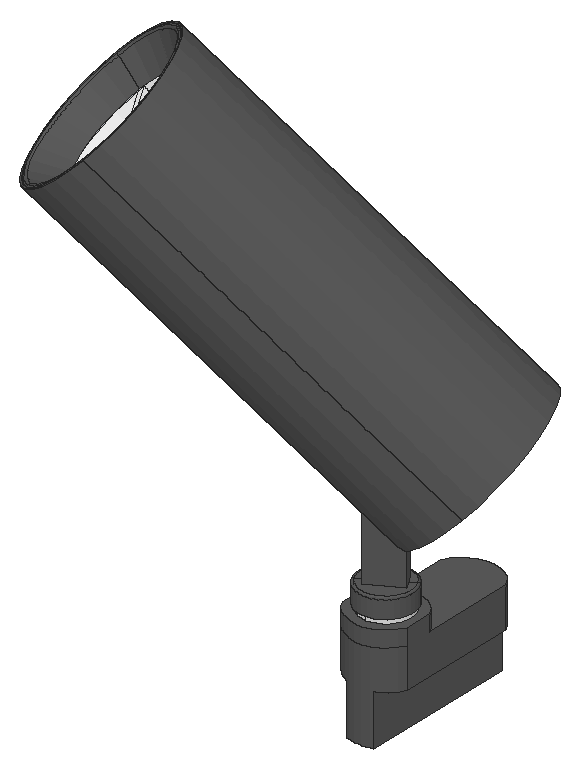
Revit family "0005445", category Lighting Fixtures, host Face, Revit 2017 (continued)
Definition of nested family "START Track Spot Integral Head"
  Types (3, lengths in mm): name | Photometric Web File | built-in parameter 1150142
    0005445 - 24 | "0005445_24.ies" | "IESNA:LM-63-2002\r\n[TEST] 202010560\r\n[TESTLAB] \r\n[TESTDATE] 3 Jun 2020\r\n[ISSUEDATE] 3 Jun 2020\r\n[MANUFAC] Sylvania\r\n[LUMCAT] 202010560\r\n[LUMINAIRE] FT1081-B-3000£¨24¡ã£©\r\n[FLASHAREA] 0.001373\r\n[LAMPCAT] 202010560\r\n[LAMP] LED 54W - 50.96 W\r\nTILT=NONE\r\n1 4650.50 1.0 181 4 1 2 -0.085 -0.085 0.000\r\n1.00 1.00 50.96\r\n0.00 1.00 2.00 3.00 4.00 5.00 6.00 7.00 8.00 9.00 10.00 \r\n11.00 12.00 13.00 14.00 15.00 16.00 17.00 18.00 19.00 \r\n20.00 21.00 22.00 23.00 24.00 25.00 26.00 27.00 28.00 \r\n29.00 30.00 31.00 32.00 33.00 34.00 35.00 36.00 37.00 \r\n38.00 39.00 40.00 41.00 42.00 43.00 44.00 45.00 46.00 \r\n47.00 48.00 49.00 50.00 51.00 52.00 53.00 54.00 55.00 \r\n56.00 57.00 58.00 59.00 60.00 61.00 62.00 63.00 64.00 \r\n65.00 66.00 67.00 68.00 69.00 70.00 71.00 72.00 73.00 \r\n74.00 75.00 76.00 77.00 78.00 79.00 80.00 81.00 82.00 \r\n83.00 84.00 85.00 86.00 87.00 88.00 89.00 90.00 91.00 \r\n92.00 93.00 94.00 95.00 96.00 97.00 98.00 99.00 100.00 \r\n101.00 102.00 103.00 104.00 105.00 106.00 107.00 108.00 \r\n109.00 110.00 111.00 112.00 113.00 114.00 115.00 116.00 \r\n117.00 118.00 119.00 120.00 121.00 122.00 123.00 124.00 \r\n125.00 126.00 127.00 128.00 129.00 130.00 131.00 132.00 \r\n133.00 134.00 135.00 136.00 137.00 138.00 139.00 140.00 \r\n141.00 142.00 143.00 144.00 145.00 146.00 147.00 148.00 \r\n149.00 150.00 151.00 152.00 153.00 154.00 155.00 156.00 \r\n157.00 158.00 159.00 160.00 161.00 162.00 163.00 164.00 \r\n165.00 166.00 167.00 168.00 169.00 170.00 171.00 172.00 \r\n173.00 174.00 175.00 176.00 177.00 178.00 179.00 180.00 \r\n0.00 30.00 60.00 90.00 \r\n16490.35 17536.27 17233.91 16612.63 15870.74 14948.13 \r\n13966.64 13022.81 12027.47 11145.50 10292.38 9556.23 \r\n8823.68 8093.48 7369.19 6649.44 6020.41 5359.33 4770.06 \r\n4177.96 3654.39 3163.15 2726.07 2389.86 2089.48 1852.73 \r\n1649.55 1453.31 1303.03 1154.85 1033.28 909.75 804.10 \r\n707.25 618.71 548.13 478.24 424.85 372.51 331.92 293.55 \r\n263.57 239.24 217.25 200.66 184.92 171.86 159.38 149.04 \r\n140.70 132.98 126.60 120.57 115.33 110.87 106.53 102.93 \r\n99.26 96.18 92.52 88.77 84.83 81.78 79.00 74.72 68.91 \r\n62.72 55.38 48.85 44.07 39.07 33.45 28.53 24.29 19.55 \r\n16.18 13.54 11.01 8.59 6.36 4.27 2.34 0.92 0.21 0.04 0.03 \r\n0.03 0.03 0.03 0.03 0.03 0.03 0.03 0.03 0.03 0.03 0.03 \r\n0.03 0.03 0.04 0.04 0.05 0.05 0.05 0.06 0.07 0.08 0.08 \r\n0.09 0.08 0.09 0.00 0.00 0.00 0.00 0.00 0.00 0.00 0.00 \r\n0.00 0.00 0.00 0.00 0.00 0.00 0.00 0.00 0.00 0.00 0.00 \r\n0.00 0.00 0.00 0.00 0.00 0.00 0.00 0.00 0.00 0.00 0.00 \r\n0.00 0.00 0.00 0.00 0.00 0.00 0.00 0.00 0.00 0.00 0.00 \r\n0.00 0.00 0.00 0.00 0.00 0.00 0.00 0.00 0.00 0.00 0.00 \r\n0.00 0.00 0.00 0.00 0.00 0.00 0.00 0.00 0.00 0.00 0.00 \r\n0.00 0.00 0.00 0.00 0.00 0.00 0.00 \r\n16490.35 17219.01 16894.15 16355.14 15647.44 14816.81 \r\n13852.06 12892.82 11962.34 11101.50 10305.52 9535.99 \r\n8788.76 8062.82 7353.16 6664.34 6008.88 5377.83 4762.60 \r\n4206.24 3671.27 3201.60 2784.51 2414.36 2111.77 1854.83 \r\n1633.58 1453.23 1292.07 1144.40 1012.92 895.58 790.28 \r\n695.33 609.66 536.68 473.89 418.59 371.73 330.91 297.39 \r\n267.33 242.87 222.76 204.55 189.30 175.53 163.81 153.06 \r\n143.80 135.92 128.85 122.68 117.13 112.24 107.99 103.86 \r\n100.11 96.25 92.44 88.53 84.95 81.59 77.92 73.64 68.53 \r\n61.99 55.98 49.84 44.14 39.03 34.01 29.16 24.13 20.27 \r\n16.60 13.44 10.90 8.56 6.37 4.38 2.62 1.31 0.47 0.11 0.03 \r\n0.03 0.03 0.03 0.03 0.03 0.03 0.03 0.03 0.03 0.04 0.04 \r\n0.04 0.04 0.05 0.05 0.05 0.05 0.06 0.07 0.07 0.08 0.08 \r\n0.09 0.09 0.10 0.00 0.00 0.00 0.00 0.00 0.00 0.00 0.00 \r\n0.00 0.00 0.00 0.00 0.00 0.00 0.00 0.00 0.00 0.00 0.00 \r\n0.00 0.00 0.00 0.00 0.00 0.00 0.00 0.00 0.00 0.00 0.00 \r\n0.00 0.00 0.00 0.00 0.00 0.00 0.00 0.00 0.00 0.00 0.00 \r\n0.00 0.00 0.00 0.00 0.00 0.00 0.00 0.00 0.00 0.00 0.00 \r\n0.00 0.00 0.00 0.00 0.00 0.00 0.00 0.00 0.00 0.00 0.00 \r\n0.00 0.00 0.00 0.00 0.00 0.00 0.00 \r\n16490.35 16604.84 16290.24 15794.13 15124.89 14313.09 \r\n13457.37 12560.51 11695.64 10886.73 10126.70 9402.01 \r\n8676.93 7988.47 7294.53 6621.90 5987.55 5347.47 4764.62 \r\n4198.88 3660.47 3189.17 2766.07 2413.49 2108.60 1863.13 \r\n1652.02 1471.81 1315.23 1169.48 1042.46 922.25 820.15 \r\n725.38 640.60 566.21 500.47 445.27 393.22 350.68 313.52 \r\n280.76 253.94 230.94 212.43 195.02 180.91 167.89 156.93 \r\n147.05 138.54 131.48 124.96 119.08 113.85 109.13 104.82 \r\n100.88 97.24 93.43 89.60 86.21 82.70 79.24 74.95 70.16 \r\n63.72 57.52 51.54 45.58 40.56 35.26 30.22 24.81 20.77 \r\n16.96 13.78 11.22 8.83 6.60 4.49 2.67 1.34 0.48 0.14 0.03 \r\n0.03 0.02 0.02 0.03 0.03 0.03 0.03 0.03 0.03 0.03 0.03 \r\n0.04 0.04 0.04 0.05 0.05 0.05 0.06 0.06 0.07 0.08 0.09 \r\n0.09 0.09 0.10 0.00 0.00 0.00 0.00 0.00 0.00 0.00 0.00 \r\n0.00 0.00 0.00 0.00 0.00 0.00 0.00 0.00 0.00 0.00 0.00 \r\n0.00 0.00 0.00 0.00 0.00 0.00 0.00 0.00 0.00 0.00 0.00 \r\n0.00 0.00 0.00 0.00 0.00 0.00 0.00 0.00 0.00 0.00 0.00 \r\n0.00 0.00 0.00 0.00 0.00 0.00 0.00 0.00 0.00 0.00 0.00 \r\n0.00 0.00 0.00 0.00 0.00 0.00 0.00 0.00 0.00 0.00 0.00 \r\n0.00 0.00 0.00 0.00 0.00 0.00 0.00 \r\n16490.35 16375.84 16087.90 15576.65 14898.89 14091.84 \r\n13224.44 12356.67 11518.90 10750.96 10029.95 9324.44 \r\n8633.61 7944.22 7268.32 6597.96 5949.55 5315.44 4705.34 \r\n4143.76 3632.88 3145.70 2743.98 2402.79 2114.84 1875.75 \r\n1678.41 1492.57 1338.30 1194.03 1065.13 945.62 836.94 \r\n739.45 650.62 573.05 504.02 444.02 390.40 345.64 304.88 \r\n272.84 247.22 225.00 206.06 189.66 175.23 163.38 153.10 \r\n144.26 136.57 129.68 123.70 118.28 113.35 108.88 104.90 \r\n101.07 97.44 93.60 89.58 85.77 82.64 79.28 74.98 69.08 \r\n63.13 56.35 49.82 45.04 40.11 34.95 29.37 24.78 20.08 \r\n16.52 13.86 11.25 8.79 6.54 4.43 2.48 0.98 0.27 0.04 0.03 \r\n0.02 0.02 0.01 0.01 0.02 0.02 0.02 0.02 0.03 0.03 0.03 \r\n0.03 0.03 0.04 0.04 0.05 0.05 0.05 0.07 0.07 0.07 0.08 \r\n0.09 0.08 0.09 0.00 0.00 0.00 0.00 0.00 0.00 0.00 0.00 \r\n0.00 0.00 0.00 0.00 0.00 0.00 0.00 0.00 0.00 0.00 0.00 \r\n0.00 0.00 0.00 0.00 0.00 0.00 0.00 0.00 0.00 0.00 0.00 \r\n0.00 0.00 0.00 0.00 0.00 0.00 0.00 0.00 0.00 0.00 0.00 \r\n0.00 0.00 0.00 0.00 0.00 0.00 0.00 0.00 0.00 0.00 0.00 \r\n0.00 0.00 0.00 0.00 0.00 0.00 0.00 0.00 0.00 0.00 0.00 \r\n0.00 0.00 0.00 0.00 0.00 0.00 0.00 \r\n"
    0005445 - 54 | "0005445_54.ies" | "IESNA:LM-63-2002\r\n[TEST] 202010560\r\n[TESTLAB] \r\n[TESTDATE] 3 Jun 2020\r\n[ISSUEDATE] 3 Jun 2020\r\n[MANUFAC] Sylvania\r\n[LUMCAT] 202010560\r\n[LUMINAIRE] FT1081-B-3000£¨54¡ã£©\r\n[FLASHAREA] 0.001373\r\n[LAMPCAT] 202010560\r\n[LAMP] LED 54W - 50.78 W\r\nTILT=NONE\r\n1 4863.10 1.0 181 4 1 2 -0.085 -0.085 0.000\r\n1.00 1.00 50.78\r\n0.00 1.00 2.00 3.00 4.00 5.00 6.00 7.00 8.00 9.00 10.00 \r\n11.00 12.00 13.00 14.00 15.00 16.00 17.00 18.00 19.00 \r\n20.00 21.00 22.00 23.00 24.00 25.00 26.00 27.00 28.00 \r\n29.00 30.00 31.00 32.00 33.00 34.00 35.00 36.00 37.00 \r\n38.00 39.00 40.00 41.00 42.00 43.00 44.00 45.00 46.00 \r\n47.00 48.00 49.00 50.00 51.00 52.00 53.00 54.00 55.00 \r\n56.00 57.00 58.00 59.00 60.00 61.00 62.00 63.00 64.00 \r\n65.00 66.00 67.00 68.00 69.00 70.00 71.00 72.00 73.00 \r\n74.00 75.00 76.00 77.00 78.00 79.00 80.00 81.00 82.00 \r\n83.00 84.00 85.00 86.00 87.00 88.00 89.00 90.00 91.00 \r\n92.00 93.00 94.00 95.00 96.00 97.00 98.00 99.00 100.00 \r\n101.00 102.00 103.00 104.00 105.00 106.00 107.00 108.00 \r\n109.00 110.00 111.00 112.00 113.00 114.00 115.00 116.00 \r\n117.00 118.00 119.00 120.00 121.00 122.00 123.00 124.00 \r\n125.00 126.00 127.00 128.00 129.00 130.00 131.00 132.00 \r\n133.00 134.00 135.00 136.00 137.00 138.00 139.00 140.00 \r\n141.00 142.00 143.00 144.00 145.00 146.00 147.00 148.00 \r\n149.00 150.00 151.00 152.00 153.00 154.00 155.00 156.00 \r\n157.00 158.00 159.00 160.00 161.00 162.00 163.00 164.00 \r\n165.00 166.00 167.00 168.00 169.00 170.00 171.00 172.00 \r\n173.00 174.00 175.00 176.00 177.00 178.00 179.00 180.00 \r\n0.00 30.00 60.00 90.00 \r\n5828.27 5836.77 5835.91 5828.93 5809.04 5776.54 5735.98 \r\n5700.52 5654.02 5595.31 5517.50 5445.29 5357.70 5261.32 \r\n5165.64 5044.11 4937.58 4806.24 4677.19 4525.80 4367.79 \r\n4203.08 4017.49 3845.60 3645.97 3438.76 3222.50 3007.60 \r\n2805.86 2588.39 2398.61 2177.65 1986.60 1777.49 1586.95 \r\n1411.90 1231.97 1083.46 930.08 811.86 697.55 599.74 \r\n517.41 441.69 390.34 342.67 298.77 263.32 231.62 207.65 \r\n185.12 167.80 150.72 136.80 124.11 113.89 104.89 96.56 \r\n90.05 83.88 78.49 73.52 68.81 64.46 60.06 56.25 52.32 \r\n48.77 43.37 38.95 35.23 31.51 28.36 25.29 22.42 19.62 \r\n15.87 11.70 8.84 6.65 4.51 2.48 0.92 0.14 0.04 0.03 0.03 \r\n0.03 0.03 0.03 0.03 0.04 0.03 0.04 0.04 0.04 0.04 0.04 \r\n0.04 0.05 0.05 0.05 0.06 0.06 0.07 0.07 0.09 0.09 0.09 \r\n0.10 0.11 0.00 0.00 0.00 0.00 0.00 0.00 0.00 0.00 0.00 \r\n0.00 0.00 0.00 0.00 0.00 0.00 0.00 0.00 0.00 0.00 0.00 \r\n0.00 0.00 0.00 0.00 0.00 0.00 0.00 0.00 0.00 0.00 0.00 \r\n0.00 0.00 0.00 0.00 0.00 0.00 0.00 0.00 0.00 0.00 0.00 \r\n0.00 0.00 0.00 0.00 0.00 0.00 0.00 0.00 0.00 0.00 0.00 \r\n0.00 0.00 0.00 0.00 0.00 0.00 0.00 0.00 0.00 0.00 0.00 \r\n0.00 0.00 0.00 0.00 0.00 0.00 \r\n5828.27 5837.26 5830.80 5817.13 5799.73 5772.63 5735.96 \r\n5692.12 5636.10 5578.07 5508.88 5424.11 5332.29 5234.38 \r\n5134.13 5027.39 4910.48 4787.38 4648.51 4510.89 4352.88 \r\n4192.56 4020.81 3828.18 3642.86 3429.53 3227.93 3021.99 \r\n2811.70 2608.66 2398.19 2194.38 1987.04 1792.75 1599.41 \r\n1417.83 1244.15 1081.43 944.80 818.15 708.03 612.51 \r\n527.08 456.92 396.41 345.45 302.89 266.28 234.86 209.05 \r\n186.92 167.72 151.94 137.36 125.30 115.04 105.88 98.19 \r\n91.16 84.92 79.41 74.25 69.67 65.13 61.06 56.99 53.11 \r\n48.95 44.33 39.56 35.60 31.97 28.66 25.61 22.64 19.38 \r\n15.85 12.49 9.25 6.66 4.54 2.66 1.29 0.49 0.10 0.04 0.03 \r\n0.03 0.03 0.03 0.03 0.03 0.03 0.03 0.03 0.03 0.04 0.04 \r\n0.04 0.04 0.05 0.06 0.07 0.07 0.08 0.08 0.09 0.09 0.09 \r\n0.10 0.11 0.00 0.00 0.00 0.00 0.00 0.00 0.00 0.00 0.00 \r\n0.00 0.00 0.00 0.00 0.00 0.00 0.00 0.00 0.00 0.00 0.00 \r\n0.00 0.00 0.00 0.00 0.00 0.00 0.00 0.00 0.00 0.00 0.00 \r\n0.00 0.00 0.00 0.00 0.00 0.00 0.00 0.00 0.00 0.00 0.00 \r\n0.00 0.00 0.00 0.00 0.00 0.00 0.00 0.00 0.00 0.00 0.00 \r\n0.00 0.00 0.00 0.00 0.00 0.00 0.00 0.00 0.00 0.00 0.00 \r\n0.00 0.00 0.00 0.00 0.00 0.00 \r\n5828.27 5826.91 5818.04 5808.17 5786.90 5757.45 5721.20 \r\n5676.25 5617.61 5555.40 5487.44 5404.85 5314.39 5218.78 \r\n5115.73 5007.51 4895.23 4769.93 4638.80 4492.57 4339.26 \r\n4179.55 3997.46 3814.66 3622.07 3423.15 3221.06 3018.08 \r\n2811.57 2605.90 2404.51 2197.72 2001.41 1803.17 1609.76 \r\n1427.90 1259.79 1097.84 953.68 826.95 710.83 615.57 \r\n531.67 459.90 401.57 351.12 309.30 271.43 241.06 215.61 \r\n192.75 173.37 156.45 141.77 129.27 118.49 109.27 101.00 \r\n93.75 87.22 81.50 76.33 71.43 66.71 62.37 58.28 54.22 \r\n49.73 45.13 40.15 36.10 32.44 29.16 25.96 22.86 19.53 \r\n15.95 12.67 9.34 6.70 4.57 2.70 1.33 0.48 0.09 0.03 0.03 \r\n0.03 0.03 0.03 0.03 0.03 0.03 0.03 0.03 0.03 0.04 0.04 \r\n0.04 0.04 0.05 0.05 0.06 0.06 0.07 0.08 0.08 0.09 0.10 \r\n0.11 0.11 0.00 0.00 0.00 0.00 0.00 0.00 0.00 0.00 0.00 \r\n0.00 0.00 0.00 0.00 0.00 0.00 0.00 0.00 0.00 0.00 0.00 \r\n0.00 0.00 0.00 0.00 0.00 0.00 0.00 0.00 0.00 0.00 0.00 \r\n0.00 0.00 0.00 0.00 0.00 0.00 0.00 0.00 0.00 0.00 0.00 \r\n0.00 0.00 0.00 0.00 0.00 0.00 0.00 0.00 0.00 0.00 0.00 \r\n0.00 0.00 0.00 0.00 0.00 0.00 0.00 0.00 0.00 0.00 0.00 \r\n0.00 0.00 0.00 0.00 0.00 0.00 \r\n5828.27 5822.64 5812.60 5801.34 5783.20 5748.36 5714.85 \r\n5673.24 5618.89 5558.94 5486.61 5405.84 5311.37 5211.96 \r\n5112.61 5005.43 4889.39 4766.39 4634.43 4488.93 4334.46 \r\n4168.03 3992.99 3796.26 3600.58 3407.92 3210.99 3012.16 \r\n2808.62 2601.14 2401.16 2197.77 1997.24 1805.30 1610.90 \r\n1424.51 1252.50 1095.46 947.43 817.16 705.87 607.67 \r\n523.99 455.31 396.96 348.41 304.78 269.67 238.78 214.16 \r\n191.53 173.14 156.11 142.13 129.76 119.03 109.54 101.20 \r\n93.91 87.59 81.82 76.66 71.82 67.19 62.78 58.61 54.62 \r\n50.54 45.27 40.13 36.08 32.44 29.06 25.94 22.93 19.89 \r\n16.18 11.87 8.82 6.56 4.34 2.42 0.89 0.12 0.03 0.03 0.03 \r\n0.03 0.03 0.03 0.03 0.03 0.03 0.03 0.03 0.03 0.03 0.03 \r\n0.03 0.03 0.04 0.04 0.05 0.05 0.06 0.07 0.08 0.08 0.09 \r\n0.09 0.11 0.00 0.00 0.00 0.00 0.00 0.00 0.00 0.00 0.00 \r\n0.00 0.00 0.00 0.00 0.00 0.00 0.00 0.00 0.00 0.00 0.00 \r\n0.00 0.00 0.00 0.00 0.00 0.00 0.00 0.00 0.00 0.00 0.00 \r\n0.00 0.00 0.00 0.00 0.00 0.00 0.00 0.00 0.00 0.00 0.00 \r\n0.00 0.00 0.00 0.00 0.00 0.00 0.00 0.00 0.00 0.00 0.00 \r\n0.00 0.00 0.00 0.00 0.00 0.00 0.00 0.00 0.00 0.00 0.00 \r\n0.00 0.00 0.00 0.00 0.00 0.00 \r\n"
  Reference planes
    plane 1 "Center (Front/Back)": y = 0
    plane 2: z = 0
    plane 3 "Center (Left/Right)": x = 0
    plane 4: x = 45.5
    plane 5: z = 16.8
    plane 6: z = -198.2
    plane 7: x = 44.5
    plane 8: x = 33
    plane 9: x = 16.5
    plane 10: z = -183.825
    plane 11: z = -164.606
    plane 12: z = -11.2
    plane 13: x = 43.5
    plane 14: x = 38.25
    plane 15: z = -181.825
    plane 16: z = -162.606
    plane 17: z = -1
    plane 18: x = 4.75
    plane 19: x = -4.75
    plane 20: y = -45.5
    plane 21: y = -26.5
    plane 22: x = 42.5
    plane 23: y = -36
  Forms (mm)
    Extrusion 1, solid
      sketch origin (4.2, 0, 0) x (1, 0, 0) y (0, 1, 0)
        loop
          line (-1219.2, 1219.2) -> (-1219.2, -1219.2) -> (1219.2, -1219.2) -> (1219.2, 1219.2) -> (-1219.2, 1219.2)
      from 0 to -68.017
    Revolve 2, solid, material <- "Material_1_SYL"
      sketch origin (0, 0, 0) x (1, 0, 0) y (0, 0, 1)
        loop
          line (45.5, -198.2) -> (45.5, 16.8) -> (44.5, 16.8) -> (44.5, -198.2) -> (45.5, -198.2)
        axis (0, 16.8) -> (0, -198.2)
      angle from 360 to 0
    Revolve 3, solid, material <- "Material_1_SYL"
      sketch origin (0, 0, 0) x (1, 0, 0) y (0, 0, 1)
        loop
          line (44.5, 16.8) -> (43.5, 16.8)
          arc (43.5, 16.8) -> (38.25, 15.673) -> (33, 16.8) r 12.796
          line (33, 16.8) -> (0, 16.8) -> (0, -11.2) -> (44.5, -11.2) -> (44.5, 16.8)
        axis (0, 16.8) -> (0, -11.2)
      angle from 360 to 0
    Revolve 4, solid, material <- "Material_2_SYL"
      sketch origin (0, 0, 0) x (1, 0, 0) y (0, 0, 1)
        loop
          line (44.5, -181.825) -> (0, -181.825) -> (0, -183.825) -> (44.5, -183.825) -> (44.5, -181.825)
        axis (0, -181.825) -> (0, -183.825)
      angle from 360 to 0
    Revolve 5, solid
      sketch origin (0, 0, 0) x (1, 0, 0) y (0, 0, 1)
        loop
          line (0, -164.606) -> (16.5, -164.606)
          arc (16.5, -164.606) -> (30.37, -169.432) -> (38.25, -181.825) r 22.346
          line (38.25, -181.825) -> (44.5, -181.825) -> (44.5, -162.606) -> (0, -162.606) -> (0, -164.606)
        axis (0, -162.606) -> (0, -181.825)
      angle from 360 to 0
    Extrusion 6, void
      sketch origin (1524, -45.5, 1219.2) x (-1, 0, 0) y (0, 0, 1)
        loop
          line (1528.75, -1230.4) -> (1528.75, -1202.4) -> (1519.25, -1202.4) -> (1519.25, -1230.4) -> (1528.75, -1230.4)
      from 0 to 19
    Revolve 7, solid, material <- "Material_1_SYL"
      sketch origin (0, 0, 0) x (1, 0, 0) y (0, 0, 1)
        loop
          line (33, -183.825) -> (42.006, -197.453)
          arc (42.006, -197.453) -> (42.534, -197.999) -> (43.267, -198.2) r 1.437
          line (43.267, -198.2) -> (44.5, -198.2) -> (44.5, -183.825) -> (33, -183.825)
        axis (0, -183.825) -> (0, -198.2)
      angle from 360 to 0
  Cuts and joins
    Extrusion 6 cuts Revolve 3
    Extrusion 6 cuts Revolve 2
  Lines and regions (mm)
    reference lines
      curve 1: arc (33, 0, 16.8) -> (38.25, 0, 15.673) -> (43.5, 0, 16.8) r 12.796
      curve 2: line (33, 0, -183.825) -> (42.5, 0, -198.2)
  Dimensions and locks
    "RadiusHead_SYL": plane 4 to plane 3 "Center (Left/Right)"
    "DistRotateAxisY_SYL": plane 5 to plane 2
    "Height_SYL": plane 5 to plane 6
    locked: plane 4 to plane 7 at 1
    "RadiusLensOut_SYL": plane 8 to plane 3 "Center (Left/Right)"
    "RadiusEmission_SYL": plane 9 to plane 3 "Center (Left/Right)"
    "DepthLens_SYL": plane 10 to plane 6
    "DepthEmission_SYL": plane 11 to plane 6
    locked: plane 5 to plane 12 at 28
    locked: plane 4 to plane 13 at 2
    equal spacing: plane 13, plane 14, plane 8
    locked: plane 5 to curve 1 at 1.127
    locked: plane 15 to plane 10 at 2
    locked: plane 16 to plane 11 at 2
    locked: plane 2 to plane 17 at 1
    equal spacing: plane 18, plane 3 "Center (Left/Right)", plane 19
    "WidthCutOut_SYL": plane 18 to plane 19
    "RadiusHead_SYL": plane 20 to plane 1 "Center (Front/Back)"
    "DepthCutOut_SYL": plane 20 to plane 21
    locked: plane 4 to plane 22 at 3
    equal spacing: plane 20, plane 23, plane 21
    aligned and locked: plane 2 to Extrusion 1
    aligned and locked: level to Extrusion 1
    aligned and locked: plane 8 to curve 1
    aligned and locked: plane 13 to curve 1
    aligned and locked: plane 14 to curve 1
    aligned and locked: plane 5 to curve 1
    aligned and locked: Revolve 2 sketch curve to plane 3 "Center (Left/Right)"
    aligned and locked: Revolve 2 sketch curve to plane 6
    aligned and locked: Revolve 2 sketch curve to plane 4
    aligned and locked: plane 5 to Revolve 2 sketch curve
    aligned and locked: plane 7 to Revolve 2 sketch curve
    aligned and locked: Revolve 3 sketch curve to plane 3 "Center (Left/Right)"
    aligned and locked: Revolve 3 sketch curve to Revolve 2  (x3)
    aligned and locked: Revolve 3 sketch curve to plane 12
    aligned and locked: plane 3 "Center (Left/Right)" to Revolve 3 sketch curve
    aligned and locked: Revolve 3 sketch curve to curve 1
    aligned and locked: plane 5 to Revolve 3 sketch curve
    aligned and locked: Revolve 4 sketch curve to plane 3 "Center (Left/Right)"  (x2)
    aligned and locked: Revolve 4 sketch curve to plane 15
    aligned and locked: plane 7 to Revolve 4 sketch curve
    aligned and locked: Revolve 5 sketch curve to plane 3 "Center (Left/Right)"  (x2)
    aligned and locked: plane 3 "Center (Left/Right)" to Revolve 5 sketch curve
    aligned and locked: plane 9 to Revolve 5 sketch curve
    aligned and locked: plane 11 to Revolve 5 sketch curve
    aligned and locked: plane 14 to Revolve 5 sketch curve
    aligned and locked: plane 15 to Revolve 5 sketch curve
    aligned and locked: plane 12 to Extrusion 6 sketch curve
    aligned and locked: Extrusion 6 sketch curve to plane 19
    aligned and locked: Extrusion 6 sketch curve to plane 5
    aligned and locked: plane 18 to Extrusion 6 sketch curve
    aligned and locked: Extrusion 6 to plane 21
    aligned and locked: plane 20 to Extrusion 6
    aligned and locked: plane 10 to curve 2
    aligned and locked: plane 22 to curve 2
    aligned and locked: Revolve 7 sketch curve to plane 3 "Center (Left/Right)"
    aligned and locked: plane 10 to Revolve 7 sketch curve
    aligned and locked: Revolve 7 sketch curve to Revolve 4
    aligned and locked: Revolve 7 sketch curve to curve 2
    aligned and locked: plane 3 "Center (Left/Right)" to imposter light
    aligned and locked: imposter light to plane 1 "Center (Front/Back)"
    aligned and locked: imposter light to plane 10
  Automatic sketch dimensions
    Extrusion 1 sketch curve to Extrusion 1 sketch curve = 2438.4 mm  (x2)
    plane 6 to Revolve 2 sketch curve = 487.1 mm
    Revolve 2 sketch curve to plane 5 = 2571.558 mm
    plane 6 to Revolve 3 sketch curve = 487.1 mm
    Revolve 3 sketch curve to Revolve 3 sketch curve = 2566.685 mm
    plane 6 to Revolve 4 sketch curve = 487.1 mm
    Revolve 4 sketch curve to plane 5 = 2571.558 mm
    Revolve 5 sketch curve to plane 11 = 2 mm
    plane 6 to Revolve 5 sketch curve = 487.1 mm
    Revolve 5 sketch curve to plane 5 = 2571.558 mm
    Revolve 5 sketch curve to plane 7 = 0 mm
    Revolve 4 sketch curve to plane 10 = 0 mm
    curve 2 to plane 8 = 0 mm
    curve 1 to plane 14 = 0 mm
    curve 2 to plane 6 = 0 mm
    curve 1 to plane 13 = 0 mm
    Revolve 7 sketch curve to plane 6 = 0 mm
    Revolve 7 sketch curve to plane 22 = 0.494 mm
    Revolve 7 sketch curve to plane 13 = 0.233 mm
    plane 6 to Revolve 7 sketch curve = 474.6 mm
    Revolve 7 sketch curve to plane 5 = 2584.058 mm
Types (3, lengths in mm): name | TypeHead_SYL
  0005445 PIXO LARGE 4725LM 930 NB MB WB BLK - 24 degree | START Track Spot Integral Head : 0005445 - 24
  0005445 PIXO LARGE 4725LM 930 NB MB WB BLK - 36 degree | START Track Spot Integral Head : 0005445 - 36
  0005445 PIXO LARGE 4725LM 930 NB MB WB BLK - 54 degree | START Track Spot Integral Head : 0005445 - 54
